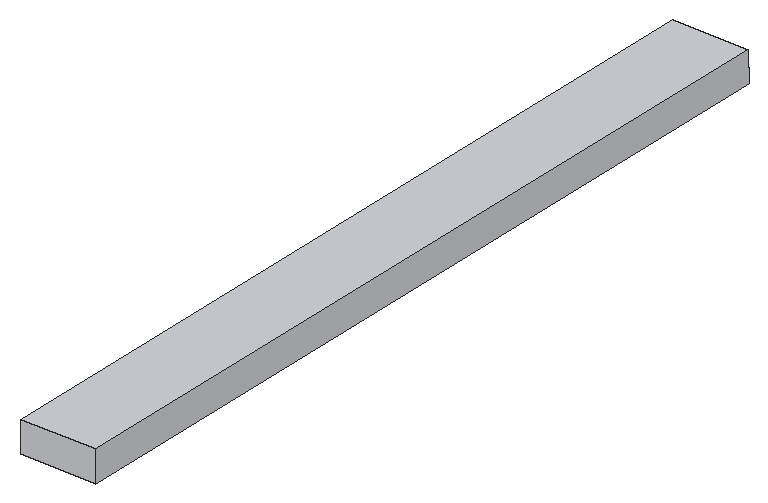
Revit family "LCS4", category Lighting Fixtures, host Face, Revit 2021
Family settings
  Host = Face
  Round Connector Dimension = Use Diameter
  Part Type = Normal
  Cut with Voids When Loaded = No
  Light Source = Yes
  Shared = No
  Room Calculation Point = No
Parameters
  Wattage Comments = ""
  Wattage = 9.2903 W
  WIDTH = 2' - 0"
  built-in parameter 1150110 = 1 (stored number, unit not read)
  Voltage = 0 V
  URL = "https://www.currentlighting.com/columbia"
  Type Comments = ""
  built-in parameter 1114217 = 1 (stored number, unit not read)
  Tilt Angle = 60.00°
  built-in parameter 1150109 = 1 (stored number, unit not read)
  built-in parameter 1150134 = 3
  built-in parameter 1150113 = 1 (stored number, unit not read)
  Product Page URL = ""
  Product Documentation Link = ""
  Power Factor = 1
  Photometric Web File = "generic"
  Number of Poles = 1
  built-in parameter 1150142 = (empty or 0)
  Model = "LCS"
  Manufacturer = "COLUMBIA LIGHTING"
  built-in parameter 1150105 = 109.82 (stored number, unit not read)
  Lumens = 1380 lm
  built-in parameter 1150115 = 1 (stored number, unit not read)
  built-in parameter 1150137 = (empty or 0)
  built-in parameter 1150139 = (empty or 0)
  built-in parameter 1150112 = 1 (stored number, unit not read)
  built-in parameter 1150114 = 1 (stored number, unit not read)
  Lamp = "LED"
  LEGNTH = 4' - 6"
  built-in parameter 1150132 = (empty or 0)
  built-in parameter 1150102 = (empty or 0)
  built-in parameter 1150107 = 3200 (stored number, unit not read)
  built-in parameter 1150138 = (empty or 0)
  built-in parameter 1150106 = 1.0982 (stored number, unit not read)
  IES FILE LINK = ""
  built-in parameter 1150104 = 13.8 (stored number, unit not read)
  Dimming Lamp Color Temperature Shift = (empty or 0)
  Default Elevation = 4' - 0"
  Color Filter = 16777215
  built-in parameter 1114218 = 1 (stored number, unit not read)
  built-in parameter 1150133 = 10 (stored number, unit not read)
  Apparent Load = 0 VA
Reference planes (in)
  plane 1 "Center (Front/Back)": y = 0
  plane 2: z = 0
  plane 3 "Center (Left/Right)": x = 0
  plane 4: x = -2.21875
  plane 5: y = 24
  plane 6: x = 2.21875
  plane 7: y = -24
  plane 8: z = 1.8125
Forms (in)
  Extrusion 1, solid
    sketch origin (0, 0, 0) x (1, 0, 0) y (0, 0, 1)
      loop
        line (-2.21875, 0) -> (2.21875, 0) -> (2.21875, 1.8125) -> (-2.21875, 1.8125) -> (-2.21875, 0)
    from 24 to -24
Dimensions and locks (in)
  aligned and locked: plane 2 to host face
  aligned and locked: level to host face
Connectors (in)
  electrical at (0, 0, 0), driven by "Number of Poles", driven by "Voltage", driven by "Apparent Load", driven by "Power Factor"
    settings: on host face, index 1, voltage 0 V, apparent load 0 VA, apparent load phase1 0 VA, apparent load phase2 0 VA, apparent load phase3 0 VA, power factor 1, load classification "Other", number of poles 1, system type 31, power factor state 1, is connector primary yes, connector utility yes, sub classification motor no, connector description "Power"
